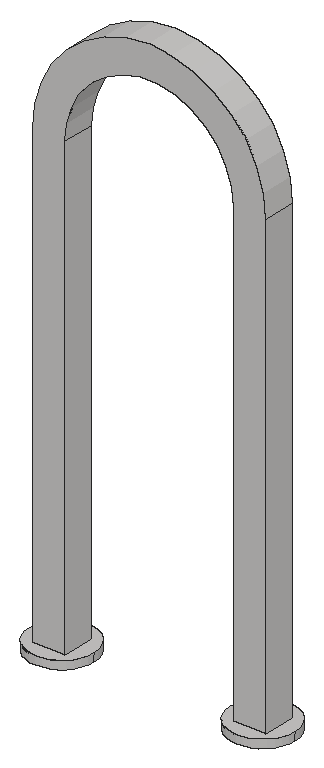
Revit family "Bicycle-Racks_BR-Square_Huntco_BRS3", category Site, host Face, Revit 2026
Family settings
  Host = Face
  Round Connector Dimension = Use Diameter
  Part Type = Normal
  Cut with Voids When Loaded = No
  Shared = No
Parameters
  holediameter = if(Flange Mounted, 0' 0 1/2", if(Freestanding, 0' 0 1/32", 0' 6"))  # 0' - 0 1/2"
  holedepth = if(Flange Mounted, 0' 4", if(Freestanding, 0' 0 1/32", 1' 0"))  # 0' - 4"
  flangevisible = not(Embedded Mounted)  # yes
  flangeheight = if(Exposed Flange, 0' 0 1/2", 0' 1 1/4")  # 0' - 0 1/2"
  extralength = if(or(Freestanding, Flange Mounted), 0' 0", 0' 11")  # 0' - 0"
  Warranty Duration (Years) = 0
  Unit Width = 1' - 2 97/256"
  Unit Weight = 0
  Unit Height = 3' - 0"
  URL = "http://www.huntco.com/"
  Test Data = ""
  Specification = "http://www.arcat.com/sdspecs/htm/02871hco.htm"
  SpecWizard = ""
  Send Message = "http://www.arcat.com/users.pl?action=UserEmail&company=Huntco+Supply+LLC&coid=39482&rep=133&fax=503-274-2055&mf="
  Sales Information = ""
  Revision = "R1_11_2012"
  Product Properties = ""
  Product Data = "http://www.arcat.com/arcatcos/cos39/arc39482.html"
  Pipe Diameter = 0' - 2"
  Model = "As Specified"
  Material Finish = Metal - Steel - Huntco - Stainless
  Manufacturer Website = "http://www.huntco.com/"
  Manufacturer Phone - Toll Free = "800-547-5909"
  Manufacturer Phone = "503-224-8700"
  Manufacturer Fax = "503-274-2055"
  Manufacturer Address = "Huntco Supply LLC P. O. Box 10385 Portland, OR 97296"
  Manufacturer = "Huntco Supply LLC"
  Maintenance Schedule (Months) = 0
  Keynote = "02871"
  Installation-Fabrication = ""
  Installation Phase = ""
  Green Building-LEED = "http://www.arcat.com/green/clients/leed_data_39482.html"
  Freestanding = no
  Embedded Mounted = not(or(Freestanding, Flange Mounted))  # no
  Flange Mounted = yes
  Exposed Flange = yes
  Expected Lifespan (Years) = 0
  Drawn By = "Sumex Design, Inc. / Robert S. Weygant, CSI, CDT, SCIP"
  Description = "Huntco Product as Specified"
  Default Elevation = 4' - 0"
  Covered Flange = not(Exposed Flange)  # no
  Copyright = "©Arcat Inc."
  Construction Details = "http://www.arcat.com/details/huntcosu/huntcosu.html?coid=39482"
  Capacity = "Bike Capacity as Specified"
  Building Codes = ""
  Assembly Code = "G2040500"
Reference planes (in)
  plane 1 "Center (Front/Back)": y = 0
  plane 2: z = 0
  plane 3 "Center (Left/Right)": x = 0
  plane 4: y = 1
  plane 5: y = -1
  plane 6: x = -7.18945
  plane 7: x = 7.18945
  plane 8: z = 36
  plane 9: x = -6.18945
  plane 10: x = 6.18945
  plane 11: z = 0.5
  plane 12: z = 0
  plane 13: z = -4
Forms (in)
  Extrusion 1, solid, material "Metal - Steel - Huntco - Stainless" <- "Material Finish", visible <- "flangevisible"
    sketch origin (0, 0, 0) x (1, 0, 0) y (0, 1, 0)
      loop
        circle (-6.18945, 0) r 2
      loop
        circle (6.18945, 0) r 2
    from 0 to 0.5
  Sweep 2, solid, material "Metal - Steel - Huntco - Stainless" <- "Material Finish"
    path origin (0, 0, 0) x (1, 0, 0) y (0, 0, 1)
      loop
        line (-6.18945, 0) -> (-6.18945, 28.81055)
        arc (-6.18945, 28.81055) -> (0, 35) -> (6.18945, 28.81055) r 6.18945
        line (6.18945, 28.81055) -> (6.18945, 0)
    profile origin (-6.18945, 0, 14.40527) x (-1, 0, 0) y (0, -1, 0)
      loop
        line (1, -1) -> (1, 1) -> (-1, 1) -> (-1, -1) -> (1, -1)
  Extrusion 3, void
    sketch origin (0, 0, 0) x (1, 0, 0) y (0, 1, 0)
      loop
        circle (-6.18945, 0) r 0.25
      loop
        circle (6.18945, 0) r 0.25
    from -4 to 1
Dimensions and locks (in)
  "Unit Height": plane 8 to level
  equal spacing: plane 4, plane 1 "Center (Front/Back)", plane 5
  "Pipe Diameter": plane 4 to plane 5
  equal spacing: plane 6, plane 3 "Center (Left/Right)", plane 7
  locked: plane 8 to Sweep 2 sketch curve at 1
  locked: plane 9 to plane 6 at 1
  locked: plane 7 to plane 10 at 1
  locked: plane 6 to Extrusion 1 sketch curve at 1
  locked: Extrusion 1 sketch curve to plane 7 at 1
  "Unit Width": plane 7 to plane 6
  "extralength": host face to plane 12
  "holedepth": host face to plane 13
  "flangeheight": plane 11 to host face
  "holediameter": Extrusion 3 sketch curve to Extrusion 3 sketch curve  (x2)
  locked: plane 6 to Extrusion 3 sketch curve at 1
  locked: Extrusion 3 sketch curve to plane 7 at 1
  aligned and locked: plane 2 to host face
  aligned and locked: level to host face
  aligned and locked: plane 9 to Sweep 2 sketch curve
  aligned and locked: plane 10 to Sweep 2 sketch curve
  aligned and locked: plane 11 to Extrusion 1
  aligned and locked: plane 12 to Sweep 2 sketch curve  (x2)
  aligned and locked: Extrusion 3 to plane 13
Automatic sketch dimensions
  host sketch curve to host sketch curve = 8' - 0"  (x2)
  Extrusion 1 sketch curve to plane 1 "Center (Front/Back)" = 0' - 0"  (x2)
  profile plane to Sweep 2 sketch curve = 0' - 1"
  Sweep 2 sketch curve to Sweep 2 sketch curve = 0' - 2"  (x2)
  Sweep 2 sketch curve to plane 1 "Center (Front/Back)" = 0' - 1"
  Extrusion 3 sketch curve to plane 1 "Center (Front/Back)" = 0' - 0"  (x2)
  radius of Extrusion 1 sketch curve = 0' - 2"  (x2)
